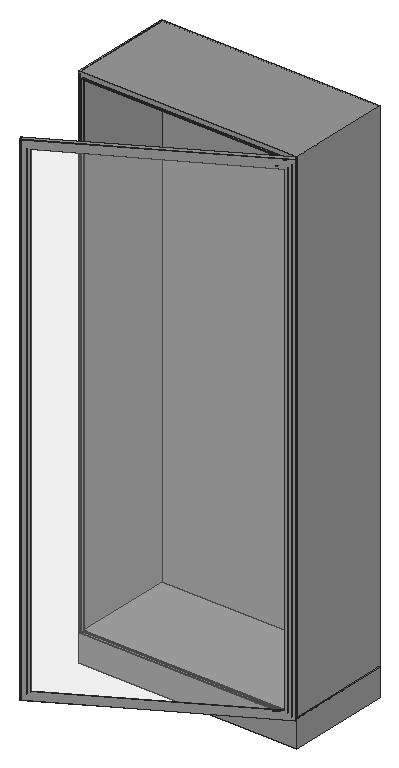
Revit family "Hager-Univers-IP55-D400-H1950-Cl.I-Steel_encl-NoHosted-SE-en", category Equipement électrique, Revit 2020
Family settings
  Configuration du panneau = Deux colonnes, circuits au sein
  Cote de connecteur circulaire = Utiliser le diamètre
  Type d'élément = Tableau de raccordement
  Basée sur le plan de construction = Oui
  Toujours verticalement = Oui
  Couper avec des vides une fois chargée = Non
  Partagée = Non
  Point de calcul de pièce = Non
Parameters (values of type "Floor installation IP55 W800 H1950 D400  - FR23V1")
  Width Control [instance] = if([EF000008 - Width] > Min Width, [EF000008 - Width], Min Width)  # 800 mm
  Commentaires du type = [HG000003 - Range]  # "Univers"
  Thickness Door [instance] = if([EF009171 - Material plate thickness door/cover] > 3 mm, 3 mm, [EF009171 - Material plate thickness door/cover])  # 1.5 mm
  Seal Frame Offset [instance] = 17 mm  # constant formula
  Plinth Visibility [instance] = [HG000027 - Plinth height] > 0 mm  # yes
  Min Width [instance] = 100 mm  # constant formula
  Min Depth [instance] = (2 * [EF009170 - Material plate thickness cabinet]) + 1 mm  # 4 mm
  Min Height [instance] = 100 mm  # constant formula
  Internal Frame Depth [instance] = (Door System Depth * 0.5)  # 9 mm
  Panel Name [instance] = ""  # (empty or 0)
  Model = ""
  HG000027 - Plinth height = 100 mm
  HG000026 - Floor standing = yes
  HG000024 - Bottom section height = 600 mm
  HG000023 - Double section enclosure = no
  HG000016 - Door 3d visibility [instance] = yes
  HG000015 - Clearance visibility [instance] = no
  HG000014 - Door on the right [instance] = yes
  HG000013 - Door on the left [instance] = not([HG000014 - Door on the right])  # no
  HG000012 - Door swing angle [instance] = 30.00°
  HG000010 - Asymmetric doors = no
  HG000009 - Double swing door = no
  HG000006 - Flush mounted = no
  HG000004 - Manufacturer reference = "FR23V1"
  HG000003 - Range = "Univers"
  HG000002 - With door or cover = yes
  Frame Offset Bottom [instance] = 10 mm  # constant formula
  Frame Offset [instance] = 15 mm  # constant formula
  EF015940 - Cover with overpressure release = no
  EF011959 - Degree of protection (NEMA) = ""
  EF009554 - Number of openings for flange plates = 6
  EF009212 - Cover model = "EV000116 - Closed"
  EF009171 - Material plate thickness door/cover = 1.5 mm
  EF009170 - Material plate thickness cabinet = 1.5 mm
  EF008873 - Nominal current (In) = 800 A
  EF007800 - Suitable for lightning protection = no
  EF006306 - With lock = no
  EF006244 - Transparent cover/door = yes
  EF005474 - Degree of protection (IP) = "EV006420 - IP55"
  EF004464 - Type of door = "EV002646 - Single"
  EF004427 - Number of modules = 432
  EF004293 - Impact strength = "EV008784 - IK10"
  EF003532 - Suitable for outdoor use = no
  EF002950 - Width in number of modular spacings = 24
  EF001613 - Circuit integrity = "EV000494 - None"
  EF001596 - Material housing = "EV000179 - Steel"
  EF001131 - Internal depth = 400 mm
  EF001088 - Extension possible = yes
  EF000437 - Number of conduit inlets = 6
  EF000339 - Type of cover = "EV004216 - Door"
  EF000266 - Number of rows = 12
  EF000218 - Built-in depth = 0 mm
  EF000118 - With mounting plate = no
  EF000116 - RAL-number = "7035"
  EF000049 - Depth = 400 mm
  EF000040 - Height = 1950 mm
  EF000008 - Width = 800 mm
  EF000007 - Colour = "EV000270 - Grey"
  EF000003 - Mounting method = "EV012274 - Floor installation"
  Door System Leaf Tolerance [instance] = 1.5 mm  # constant formula
  Door System Depth [instance] = 18 mm  # constant formula
  Door Height [instance] = Height Control - [HG000027 - Plinth height]  # 1850 mm
  Description = ""
  Default Elevation = 1219.2 mm
  Connector Offset [instance] = Height Control / 2  # 975 mm
  Fabricant = "Hager"  # constant formula
  Height Control [instance] = if([EF000040 - Height] > Min Height, [EF000040 - Height], Min Height)  # 1950 mm
  Depth Control [instance] = if([EF000049 - Depth] > Min Depth, [EF000049 - Depth], Min Depth)  # 400 mm
  Bottom Top Plate Trim [instance] = 1.5 mm  # constant formula
  Plinth height Ctrl [instance] = if([HG000027 - Plinth height] > 0 mm, [HG000027 - Plinth height], 12 mm)  # 100 mm
Types (11, lengths in mm): name | Width Control | HG000010 - Asymmetric doors | HG000009 - Double swing door | HG000004 - Manufacturer reference | EF009554 - Number of openings for flange plates | EF006244 - Transparent cover/door | EF004464 - Type of door | EF004427 - Number of modules | EF000437 - Number of conduit inlets | EF000008 - Width
  Floor installation IP55 W1050 H1950 D400  - FR24G1 | 1050 | yes | yes | "FR24G1" | 8 | no | "EV003602 - Double" | 576 | 8 | 1050
  Floor installation IP55 W1050 H1950 D400  - FR24V1 | 1050 | yes | yes | "FR24V1" | 8 | yes | "EV003602 - Double" | 576 | 8 | 1050
  Floor installation IP55 W1300 H1950 D400  - FR25G1 | 1300 | yes | yes | "FR25G1" | 10 | no | "EV003602 - Double" | 720 | 10 | 1300
  Floor installation IP55 W1300 H1950 D400  - FR25V1 | 1300 | yes | yes | "FR25V1" | 10 | yes | "EV003602 - Double" | 720 | 10 | 1300
  Floor installation IP55 W1550 H1950 D400  - FR26G1 | 1550 | yes | yes | "FR26G1" | 12 | no | "EV003602 - Double" | 864 | 12 | 1550
  Floor installation IP55 W1550 H1950 D400  - FR26V1 | 1550 | yes | yes | "FR26V1" | 12 | yes | "EV003602 - Double" | 864 | 12 | 1550
  Floor installation IP55 W300 H1950 D400  - FR21G1 | 300 | no | no | "FR21G1" | 2 | no | "EV002646 - Single" | 144 | 2 | 300
  Floor installation IP55 W550 H1950 D400  - FR22G1 | 550 | no | no | "FR22G1" | 4 | no | "EV002646 - Single" | 288 | 4 | 550
  Floor installation IP55 W550 H1950 D400  - FR22V1 | 550 | no | no | "FR22V1" | 4 | yes | "EV002646 - Single" | 288 | 4 | 550
  Floor installation IP55 W800 H1950 D400  - FR23G1 | 800 | no | no | "FR23G1" | 6 | no | "EV002646 - Single" | 432 | 6 | 800
  Floor installation IP55 W800 H1950 D400  - FR23V1 | 800 | no | no | "FR23V1" | 6 | yes | "EV002646 - Single" | 432 | 6 | 800
Reference planes
  plane 1 "Center (Front/Back)": y = 0
  plane 2: z = 0
  plane 3 "Center (Left/Right)": x = 0
  plane 4: y = 0
  plane 5: y = 0
  plane 6: z = 0
  plane 7: x = -400
  plane 8: x = 400
  plane 9: x = 398.5
  plane 10: x = -398.5
  plane 11: z = 100
  plane 12: z = 101.5
  plane 13: y = -400
  plane 14: y = -1.5
  plane 15: x = 0
  plane 16: y = -382
  plane 17: y = -398.5
  plane 18: y = -380.5
  plane 19: x = -383.5
  plane 20: x = 383.5
  plane 21: z = 111.5
  plane 22: x = -383
  plane 23: x = 383
  plane 24: z = 100
  plane 25: z = 1950
  plane 26: z = 1950
  plane 27: z = 1933.5
  plane 28: z = 1948.5
Forms (mm)
  Extrusion 1, solid, material "Hager_Steel_RAL7035_Light_Grey", detail levels medium+fine
    sketch origin (-208.679, -4572, 100) x (-1, 0, 0) y (0, -1, 0)
      loop
        line (191.321, -4190) -> (-608.679, -4190) -> (-608.679, -4572) -> (191.321, -4572) -> (191.321, -4190)
    from 0 to 1850
  Extrusion 2, void
    sketch origin (-350.771, -400, 1219.2) x (1, 0, 0) y (0, 0, 1)
      loop
        line (-47.729, 729.3) -> (-47.729, -1117.7) -> (749.271, -1117.7) -> (749.271, 729.3) -> (-47.729, 729.3)
    from -19.5 to -398.5
  Extrusion 3, void
    sketch origin (-290.084, -382, 1219.2) x (1, 0, 0) y (0, 0, 1)
      loop
        line (-93.416, -1107.7) -> (673.584, -1107.7) -> (673.584, 714.3) -> (-93.416, 714.3) -> (-93.416, -1107.7)
    from 0 to -1.5
  Extrusion 4, solid, material "Hager_Steel_RAL7035_Light_Grey", visible <- "Plinth Visibility", detail levels medium+fine
    sketch origin (0, 0, 0) x (1, 0, 0) y (0, 1, 0)
      loop
        line (-400, 0) -> (-400, -382) -> (400, -382) -> (400, 0) -> (-400, 0)
    from 0 to 100 <- "Plinth height Ctrl"
  Extrusion 5, solid, material "Hager_Steel_RAL7035_Light_Grey", detail levels coarse
    sketch origin (0, 0, 0) x (1, 0, 0) y (0, 1, 0)
      loop
        line (-400, 0) -> (-400, -400) -> (400, -400) -> (400, 0) -> (-400, 0)
    from 0 to 1950 <- "Height Control"
  Sweep 6, void
    path in 3D
      loop
        line (-400, -382, 100) -> (400, -382, 100) -> (400, 0, 100) -> (-400, 0, 100) -> (-400, -382, 100)
    profile origin (-400, -191, 100) x (1, 0, 0) y (0, 0, 1)
      loop
        line (0, 0) -> (0, -1.5) -> (1.5, -1.5)
        arc (1.5, -1.5) -> (1.061, -0.439) -> (0, 0) r 1.5
  Extrusion 7, solid, material "Hager_Steel_RAL7035_Light_Grey", detail levels fine
    sketch origin (-400, -382, 100) x (1, 0, 0) y (0, 0, 1)
      loop
        line (16.5, 11.5) -> (783.5, 11.5) -> (783.5, 1833.5) -> (16.5, 1833.5) -> (16.5, 11.5)
      loop
        line (15, 10) -> (785, 10) -> (785, 1835) -> (15, 1835) -> (15, 10)
    from 0 to 9 <- "Internal Frame Depth"
Cuts and joins
  Extrusion 2, Extrusion 3 cuts Extrusion 1
  Sweep 6 cuts Extrusion 4
Lines and regions (mm)
  Masking region 1
    outline origin (0, 0, 0) x (1, 0, 0) y (0, 1, 0)
      loop
        line (-400, 0) -> (-400, -400) -> (400, -400) -> (400, 0) -> (-400, 0)
  Masking region 2, detail levels coarse
    outline origin (-290.084, -382, 1219.2) x (-1, 0, 0) y (0, 0, 1)
      loop
        line (-690.084, -1219.2) -> (109.916, -1219.2) -> (109.916, 730.8) -> (-690.084, 730.8) -> (-690.084, -1219.2)
  Masking region 3, detail levels coarse
    outline origin (0, 0, 0) x (0, 1, 0) y (0, 0, 1)
      loop
        line (0, 0) -> (0, 1950) -> (-400, 1950) -> (-400, 0) -> (0, 0)
  Masking region 4, visible <- "Plinth Visibility", detail levels medium+fine
    outline origin (0, 0, 0) x (0, 1, 0) y (0, 0, 1)
      loop
        line (-1.5, 100) -> (-380.5, 100)
        arc (-380.5, 100) -> (-380.939, 98.939) -> (-382, 98.5) r 1.5
        line (-382, 98.5) -> (-382, 0) -> (0, 0) -> (0, 98.5)
        arc (0, 98.5) -> (-1.061, 98.939) -> (-1.5, 100) r 1.5
  Masking region 5, detail levels medium+fine
    outline origin (0, 0, 594.038) x (0, 1, 0) y (0, 0, 1)
      loop
        line (0, -494.038) -> (0, 1355.962) -> (-382, 1355.962) -> (-382, -494.038) -> (0, -494.038)
  Masking region 6, detail levels medium+fine
    outline origin (-359.7, -382, 1211.883) x (-1, 0, 0) y (0, 0, 1)
      loop
        line (-759.7, -1111.883) -> (40.3, -1111.883) -> (40.3, 738.117) -> (-759.7, 738.117) -> (-759.7, -1111.883)
  Masking region 7, visible <- "Plinth Visibility", detail levels medium+fine
    outline origin (-320.334, -382, 1041.368) x (-1, 0, 0) y (0, 0, 1)
      loop
        line (-720.334, -1041.368) -> (79.666, -1041.368) -> (79.666, -942.868)
        arc (79.666, -942.868) -> (78.606, -942.429) -> (78.166, -941.368) r 1.5
        line (78.166, -941.368) -> (-718.834, -941.368)
        arc (-718.834, -941.368) -> (-719.273, -942.429) -> (-720.334, -942.868) r 1.5
        line (-720.334, -942.868) -> (-720.334, -1041.368)
  sketch lines
    curve 1: line (-400, 0, 100) -> (-400, -382, 100)
    curve 2: line (-400, -382, 100) -> (400, -382, 100)
    curve 3: line (400, 0, 100) -> (-400, 0, 100)
    curve 4: line (400, -382, 100) -> (400, 0, 100)
Dimensions and locks
  locked: plane 1 "Center (Front/Back)" to plane 5
  "EF009170 - Material plate thickness cabinet": plane 7 to plane 10
  "EF009170 - Material plate thickness cabinet": plane 8 to plane 9
  equal spacing: plane 7, plane 3 "Center (Left/Right)", plane 8
  "Width Control": plane 7 to plane 8
  "Depth Control": plane 4 to plane 13
  "EF009170 - Material plate thickness cabinet": plane 4 to plane 14
  "Height Control": plane 25 to level
  "HG000027 - Plinth height": plane 11 to level
  "EF009170 - Material plate thickness cabinet": plane 12 to plane 11
  "EF009170 - Material plate thickness cabinet": plane 17 to plane 13
  "EF009170 - Material plate thickness cabinet": plane 18 to plane 16
  "Frame Offset Bottom": plane 21 to plane 12
  "Frame Offset": plane 10 to plane 19
  "Frame Offset": plane 9 to plane 20
  "Door System Depth": plane 16 to plane 13
  "Seal Frame Offset": plane 7 to plane 22
  "Seal Frame Offset": plane 8 to plane 23
  "EF009170 - Material plate thickness cabinet": plane 26 to plane 28
  "Frame Offset": plane 28 to plane 27
  "Connector Offset": plane 2 to connector elem
  "Bottom Top Plate Trim": profile plane to Sweep 6 sketch curve
  "Bottom Top Plate Trim": Sweep 6 sketch curve to Sweep 6 sketch curve
  "Plinth height Ctrl": Masking region 4 sketch curve to level
  "Plinth height Ctrl": Masking region 7 sketch curve to level
  "Thickness Door": Extrusion 7 sketch curve to Extrusion 7 sketch curve  (x4)
  "Bottom Top Plate Trim": radius of Sweep 6 sketch curve
  "Bottom Top Plate Trim": radius of Masking region 4 sketch curve  (x2)
  "Bottom Top Plate Trim": radius of Masking region 7 sketch curve  (x2)
  aligned and locked: Extrusion 2 sketch curve to plane 12
  aligned and locked: Extrusion 2 sketch curve to plane 9
  aligned and locked: Extrusion 2 sketch curve to plane 10
  aligned and locked: Extrusion 2 to plane 14
  aligned and locked: Extrusion 1 sketch curve to plane 4
  aligned and locked: plane 8 to Extrusion 1 sketch curve
  aligned and locked: plane 7 to Extrusion 1 sketch curve
  aligned and locked: Extrusion 2 to plane 18
  aligned and locked: Extrusion 3 sketch curve to plane 19
  aligned and locked: plane 20 to Extrusion 3 sketch curve
  aligned and locked: Extrusion 3 to Extrusion 2
  aligned and locked: Extrusion 3 sketch curve to plane 21
  aligned and locked: plane 3 "Center (Left/Right)" to nested 1
  aligned and locked: Extrusion 1 sketch curve to plane 16
  aligned and locked: Extrusion 4 sketch curve to cut or joined group of Extrusion 1, Extrusion 2, Extrusion 3
  aligned and locked: Masking region 1 sketch curve to plane 7
  aligned and locked: Masking region 1 sketch curve to plane 5
  aligned and locked: Masking region 1 sketch curve to plane 8
  aligned and locked: Masking region 2 sketch curve to level
  aligned and locked: level to Masking region 3 sketch curve
  aligned and locked: plane 1 "Center (Front/Back)" to Masking region 3 sketch curve
  aligned and locked: plane 13 to Masking region 3 sketch curve
  aligned and locked: plane 5 to Masking region 4 sketch curve
  aligned and locked: Masking region 2 sketch curve to plane 8
  aligned and locked: Masking region 2 sketch curve to plane 7
  aligned and locked: plane 7 to nested 2
  aligned and locked: nested 2 to plane 5
  aligned and locked: plane 5 to Masking region 5 sketch curve
  aligned and locked: plane 26 to Masking region 5 sketch curve
  aligned and locked: Extrusion 5 sketch curve to plane 8
  aligned and locked: Extrusion 5 sketch curve to plane 7
  aligned and locked: Extrusion 5 sketch curve to plane 5
  aligned and locked: Extrusion 3 sketch curve to plane 27
  aligned and locked: Extrusion 2 sketch curve to plane 28
  aligned and locked: Masking region 2 to plane 25
  aligned and locked: Extrusion 4 to plane 16
  aligned and locked: profile plane to Sweep 6 sketch curve
  aligned and locked: Masking region 5 sketch curve to plane 24
  aligned and locked: level to Masking region 4 sketch curve
  aligned and locked: Masking region 1 to plane 13
  aligned and locked: nested 1 to plane 16
  aligned and locked: Masking region 3 to plane 25
  aligned and locked: plane 16 to Masking region 4 sketch curve
  aligned and locked: Masking region 5 sketch curve to plane 16
  aligned and locked: plane 24 to plane 11
  aligned and locked: plane 26 to plane 25
  aligned and locked: plane 26 to cut or joined group of Extrusion 1, Extrusion 2, Extrusion 3
  aligned and locked: nested 1 to plane 24
  aligned and locked: Extrusion 1 to Extrusion 3
  aligned and locked: Masking region 6 sketch curve to plane 8
  aligned and locked: Masking region 6 sketch curve to plane 24
  aligned and locked: Masking region 6 sketch curve to plane 7
  aligned and locked: Masking region 6 sketch curve to plane 26
  aligned and locked: Masking region 7 sketch curve to plane 7
  aligned and locked: level to Masking region 7 sketch curve
  aligned and locked: Masking region 7 sketch curve to plane 8
  aligned and locked: Extrusion 7 sketch curve to cut or joined group of Extrusion 1, Extrusion 2, Extrusion 3  (x4)
Automatic sketch dimensions
  plane 19 to Extrusion 3 sketch curve = 0 mm
  Extrusion 3 sketch curve to plane 20 = 0 mm
  Extrusion 3 sketch curve to plane 21 = 0 mm
  Extrusion 4 sketch curve to plane 7 = 0 mm
  Extrusion 4 sketch curve to plane 8 = 0 mm
  Extrusion 4 sketch curve to plane 16 = 0 mm
  Masking region 1 sketch curve to plane 13 = 0 mm
  Masking region 2 sketch curve to plane 25 = 0 mm
  Masking region 3 sketch curve to plane 25 = 0 mm
  Extrusion 5 sketch curve to plane 13 = 0 mm
  profile plane to Sweep 6 sketch curve = 0 mm
Nested families
  nested 1: "EC000058_Univers_Door" at (0, -382, 100), Double <- "HG000009 - Double swing door", Transparent <- "EF006244 - Transparent cover/door", Angle <- "HG000012 - Door swing angle", Door_Right <- "HG000014 - Door on the right", Assymetrical <- "HG000010 - Asymmetric doors", Door <- "HG000002 - With door or cover", Width_Ctrl <- "Width Control", 3d_Door <- "HG000016 - Door 3d visibility", Clearance <- "HG000015 - Clearance visibility", Door_Left <- "HG000013 - Door on the left", Width <- "Width Control", Door_Depth <- "Door System Depth", Leaf_Tolerance <- "Door System Leaf Tolerance", Height <- "Door Height", Lock_Visibility <- "EF006306 - With lock", Thickness <- "Thickness Door", type "EC000058_Univers_Door", detail levels medium+fine
    with min_wh 4 mm, Width_Ctrl 800 mm, Width 800 mm, Transparent yes, Thickness 1.5 mm, Seal_Material Hager_Rubber, Lock_Visibility no, Lock_Material Hager_Plastic_RAL9005_Jet_Black, Leaf_Width 800 mm, Leaf_Tolerance_External_Sides 0 mm, Leaf_Tolerance 1.5 mm, Leaf_Offset 0 mm, Leaf_Height 1847 mm, Leaf_2_Width 800 mm, Leaf_2_Offset 400 mm, Leaf_1_Width 800 mm, Leaf_1_Offset 400 mm, Height_Ctrl 1850 mm, Height 1850 mm, Glass_Material Hager_Glass, Double_Clearance_Ctrl no, Double no, Door_Right_Ctrl yes, Door_Right yes, Door_Material Hager_Steel_RAL7035_Light_Grey, Door_Left_Ctrl no, Door_Left no, Door_Depth 18 mm, Door yes, Clearance_Material Hager_Clearance, Clearance_Depth 800 mm, Clearance_Ctrl no, Clearance no, Assymetrical no, Angle 30.00°, 3d_Door yes
  nested 2: "Hager_Enclosure_Symbol" at (-400, 0, 0), Height <- "Depth Control", Width <- "Width Control", type "Hager_Enclosure_Symbol"
    with Width_Ctrl 800 mm, Width 800 mm, Height_Ctrl 400 mm, Height 400 mm, A_Width_Int 26.25 mm, A_Width 315 mm, A_Height_Ctrl 350 mm, A_Height 350 mm
Connectors
  electrical at (0, 0, 975)
    settings: on plane 1 "Center (Front/Back)", index 1, voltage 0 V, apparent load 0 VA, apparent load phase1 0 VA, apparent load phase2 0 VA, apparent load phase3 0 VA, power factor 1, load classification "Other", number of poles 1, system type 30, power factor state 1, is connector primary yes, connector utility no, sub classification motor no, connector description ""
Definition of nested family "EC000058_Univers_Door"
  Parameters (values of type "EC000058_Univers_Door")
    min_wh [instance] = (2 * Thickness) + 1 mm  # 11 mm
    Width_Ctrl [instance] = 400 mm
    Width [instance] = 500 mm
    Transparent [instance] = yes
    Thickness [instance] = 5 mm
    Seal_Material [instance] = none
    Lock_Visibility [instance] = yes
    Lock_Material [instance] = none
    Leaf_Width [instance] = if((Width_Ctrl - 2 * Leaf_Tolerance_External_Sides) > 0 mm, (Width_Ctrl - 2 * Leaf_Tolerance_External_Sides), min_wh)  # 400 mm
    Leaf_Tolerance_External_Sides [instance] = 0 mm  # constant formula
    Leaf_Tolerance [instance] = 1.5 mm
    Leaf_Offset [instance] = 0 mm  # constant formula
    Leaf_Height [instance] = if((Height_Ctrl - 2 * Leaf_Tolerance) > 0 mm, (Height_Ctrl - 2 * Leaf_Tolerance), min_wh)  # 497 mm
    Leaf_2_Width [instance] = if(and(and(Double, Assymetrical), Door_Left), (Leaf_Width / 3) - (Leaf_Tolerance / 2), if(and(and(Double, Assymetrical), Door_Right), (Leaf_Width / 3) * 2 - (Leaf_Tolerance / 2), if(and(Double, not(Assymetrical)), (Leaf_Width / 2) - Leaf_Tolerance, Leaf_Width)))  # 400 mm
    Leaf_2_Offset [instance] = if(and(Double, Assymetrical), Leaf_2_Width / 2, if(and(Double, not(Assymetrical)), Leaf_Width / 4, Leaf_Width / 2))  # 200 mm
    Leaf_1_Width [instance] = if(and(and(Double, Assymetrical), Door_Right), (Leaf_Width / 3) - (Leaf_Tolerance / 2), if(and(and(Double, Assymetrical), Door_Left), (Width / 3) * 2 - (Leaf_Tolerance / 2), if(and(Double, not(Assymetrical)), (Leaf_Width / 2) - Leaf_Tolerance, Leaf_Width)))  # 400 mm
    Leaf_1_Offset [instance] = if(and(Double, Assymetrical), Leaf_1_Width / 2, if(and(Double, not(Assymetrical)), Leaf_Width / 4, Leaf_Width / 2))  # 200 mm
    Height_Ctrl [instance] = if(Height > min_wh, Height, min_wh)  # 500 mm
    Height [instance] = 500 mm
    Glass_Material [instance] = none
    Double_Clearance_Ctrl [instance] = and(Double, Clearance)  # no
    Double [instance] = no
    Door_Right_Ctrl [instance] = and(or(Door_Right, Double), Door)  # yes
    Door_Right [instance] = yes
    Door_Material [instance] = none
    Door_Left_Ctrl [instance] = and(or(Door_Left, Double), Door)  # no
    Door_Left [instance] = no
    Door_Depth [instance] = 30 mm
    Door [instance] = yes
    Default Elevation = 1219.2 mm
    Clearance_Material [instance] = none
    Clearance_Depth [instance] = if(Leaf_1_Width > Leaf_2_Width, Leaf_1_Width, Leaf_2_Width)  # 400 mm
    Clearance_Ctrl [instance] = and(not(Double), Clearance)  # yes
    Clearance [instance] = yes
    Assymetrical [instance] = yes
    Angle [instance] = 30.00°
    3d_Door [instance] = yes
  Reference planes
    plane 1 "Center (Front/Back)": y = 0
    plane 2 "Bottom": z = 0
    plane 3 "Center (Left/Right)": x = 0
    plane 4: z = 500
    plane 5: x = -200
    plane 6: x = 200
    plane 7: z = 500
    plane 8: x = -200
    plane 9: z = 0
    plane 10: x = 200
    plane 11: y = 0
    plane 12: z = 1.5
    plane 13: x = -600
    plane 14: y = -400
    plane 15: x = 600
    plane 16: x = 0
    plane 17: x = 0
    plane 18: x = -200
    plane 19: x = 200
    plane 20: z = 498.5
  Forms (mm)
    Extrusion 1, solid, material <- "Clearance_Material", visible <- "Double_Clearance_Ctrl"
      sketch origin (1200, 0, 0) x (1, 0, 0) y (0, 0, -1)
        loop
          line (-1800, -498.5) -> (-600, -498.5) -> (-600, 0) -> (-1800, 0) -> (-1800, -498.5)
      from 0 to -400
  Dimensions and locks
    equal spacing: plane 5, plane 3 "Center (Left/Right)", plane 6
    "Width_Ctrl": plane 5 to plane 6
    "Leaf_Offset": plane 5 to plane 8
    "Leaf_Offset": plane 6 to plane 10
    "Leaf_Offset": plane 9 to level
    "Leaf_Offset": plane 4 to plane 7
    "Height_Ctrl": plane 4 to level
    "Leaf_Tolerance": plane 12 to plane 9
    locked: plane 11 to plane 1 "Center (Front/Back)"
    "Leaf_1_Offset": plane 18 to plane 16
    "Leaf_2_Offset": plane 17 to plane 19
    "Leaf_1_Width": plane 13 to plane 8
    "Leaf_2_Width": plane 10 to plane 15
    "Clearance_Depth": plane 14 to plane 1 "Center (Front/Back)"
    "Leaf_Tolerance_External_Sides": plane 8 to plane 18
    "Leaf_Tolerance_External_Sides": plane 19 to plane 10
    "Leaf_Tolerance": plane 7 to plane 20
    aligned and locked: level to plane 2 "Bottom"
    aligned and locked: nested 1 to plane 16
    aligned and locked: nested 2 to plane 17
    aligned and locked: Extrusion 1 to plane 13
    aligned and locked: plane 15 to Extrusion 1
    aligned and locked: Extrusion 1 to plane 14
    aligned and locked: plane 12 to nested 1
    aligned and locked: nested 2 to plane 12
    aligned and locked: Extrusion 1 to plane 11
    aligned and locked: plane 20 to Extrusion 1
    aligned and locked: nested 2 to plane 11
    aligned and locked: nested 1 to plane 11
  Automatic sketch dimensions
    Extrusion 1 sketch curve to level = 0 mm
    plane 5 to Extrusion 1 sketch curve = 400 mm
    plane 6 to Extrusion 1 sketch curve = 400 mm
    Extrusion 1 sketch curve to plane 4 = 1.5 mm
  Nested families
    nested 1: "EC000058_Univers_Door_Leaf" at (0, 0, 1.5), Width <- "Leaf_1_Width", visible <- "Door_Left_Ctrl", Leaf_Height <- "Leaf_Height", Angle <- "Angle", 3d_Door <- "3d_Door", Transparent <- "Transparent", Clearance Material <- "Clearance_Material", Clearance <- "Clearance_Ctrl", Door_Material <- "Door_Material", Glass_Material <- "Glass_Material", Door_Depth <- "Door_Depth", Lock_Material <- "Lock_Material", Seal_Material <- "Seal_Material", Lock_Visibility <- "Lock_Visibility", Thickness <- "Thickness", type "EC000058_Univers_Door_Leaf"
      with Width 400 mm, Transparent_Glass_Offset 30 mm, Transparent_Ctrl yes, Transparent yes, Thickness 5 mm, Standard no, Seal_Material none, Seal_D2 8 mm, Seal_D1 1 mm, Offset_Internal_Frame 10 mm, Lock_Width 20 mm, Lock_Visibility_3d yes, Lock_Visibility yes, Lock_Thickness_3 3 mm, Lock_Thickness_2 1 mm, Lock_Thickness_1 3 mm, Lock_Radius_Offset_2 16 mm, Lock_Radius_Offset_1 15 mm, Lock_Radius_2 5 mm, Lock_Radius 6 mm, Lock_Offset 5 mm, Lock_Material none, Lock_Height 80 mm, Lock_Cover_Top_Offset_2d 17 mm, Lock_Cover_Height -65 mm, Leaf_Height 497 mm, Internal_Seal_Thickness 8 mm, Internal_Seal_Depth_2 4.5 mm, Internal_Frame_Depth 25 mm, Glass_Thickness -1 mm, Glass_Offset -2 mm, Glass_Material none, Door_Material none, Door_Depth 30 mm, Clearance Material none, Clearance yes, Angle_Ctrl 30.00°, Angle 30.00°, 3d_Door yes
    nested 2: "EC000058_Univers_Door_Leaf" at (0, 0, 1.5) x (-1, 0, 0) z (0, 0, 1), Width <- "Leaf_2_Width", visible <- "Door_Right_Ctrl", Leaf_Height <- "Leaf_Height", Angle <- "Angle", 3d_Door <- "3d_Door", Transparent <- "Transparent", Clearance Material <- "Clearance_Material", Clearance <- "Clearance_Ctrl", Door_Material <- "Door_Material", Glass_Material <- "Glass_Material", Door_Depth <- "Door_Depth", Lock_Material <- "Lock_Material", Seal_Material <- "Seal_Material", Lock_Visibility <- "Lock_Visibility", Thickness <- "Thickness", type "EC000058_Univers_Door_Leaf"
      with Width 400 mm, Transparent_Glass_Offset 30 mm, Transparent_Ctrl yes, Transparent yes, Thickness 5 mm, Standard no, Seal_Material none, Seal_D2 8 mm, Seal_D1 1 mm, Offset_Internal_Frame 10 mm, Lock_Width 20 mm, Lock_Visibility_3d yes, Lock_Visibility yes, Lock_Thickness_3 3 mm, Lock_Thickness_2 1 mm, Lock_Thickness_1 3 mm, Lock_Radius_Offset_2 16 mm, Lock_Radius_Offset_1 15 mm, Lock_Radius_2 5 mm, Lock_Radius 6 mm, Lock_Offset 5 mm, Lock_Material none, Lock_Height 80 mm, Lock_Cover_Top_Offset_2d 17 mm, Lock_Cover_Height -65 mm, Leaf_Height 497 mm, Internal_Seal_Thickness 8 mm, Internal_Seal_Depth_2 4.5 mm, Internal_Frame_Depth 25 mm, Glass_Thickness -1 mm, Glass_Offset -2 mm, Glass_Material none, Door_Material none, Door_Depth 30 mm, Clearance Material none, Clearance yes, Angle_Ctrl 30.00°, Angle 30.00°, 3d_Door yes
  Definition of nested family "EC000058_Univers_Door_Leaf"
    Parameters (values of type "EC000058_Univers_Door_Leaf")
      Width [instance] = 2000 mm
      Transparent_Glass_Offset [instance] = 30 mm
      Transparent_Ctrl [instance] = and(Transparent, [3d_Door])  # yes
      Transparent [instance] = yes
      Thickness [instance] = 5 mm
      Standard [instance] = and(not(Transparent), [3d_Door])  # no
      Seal_Material [instance] = none
      Seal_D2 [instance] = 8 mm  # constant formula
      Seal_D1 [instance] = 1 mm  # constant formula
      Offset_Internal_Frame [instance] = 10 mm  # constant formula
      Lock_Width [instance] = 20 mm  # constant formula
      Lock_Visibility_3d [instance] = and(Lock_Visibility, [3d_Door])  # yes
      Lock_Visibility [instance] = yes
      Lock_Thickness_3 [instance] = 3 mm  # constant formula
      Lock_Thickness_2 [instance] = 1 mm  # constant formula
      Lock_Thickness_1 [instance] = 3 mm  # constant formula
      Lock_Radius_Offset_2 [instance] = Lock_Radius_Offset_1 + 1 mm  # 16 mm
      Lock_Radius_Offset_1 [instance] = 15 mm  # constant formula
      Lock_Radius_2 [instance] = Lock_Radius - 1 mm  # 5 mm
      Lock_Radius [instance] = 6 mm  # constant formula
      Lock_Offset [instance] = 5 mm  # constant formula
      Lock_Material [instance] = none
      Lock_Height [instance] = 80 mm  # constant formula
      Lock_Cover_Top_Offset_2d [instance] = Lock_Radius_Offset_2 + 1 mm  # 17 mm
      Lock_Cover_Height [instance] = -(Lock_Height - Lock_Radius_Offset_1)  # -65 mm
      Leaf_Height [instance] = 2720.336 mm
      Internal_Seal_Thickness [instance] = 8 mm  # constant formula
      Internal_Seal_Depth_2 [instance] = 4.5 mm  # constant formula
      Internal_Frame_Depth [instance] = if(Door_Depth - Thickness > 5 mm, Door_Depth - Thickness, 5 mm)  # 25 mm
      Glass_Thickness [instance] = if(Thickness > 15 mm, Glass_Offset + 10 mm, -1 mm)  # -1 mm
      Glass_Offset [instance] = if(Thickness > 15 mm, -(Thickness + 10 mm) / 2, -2 mm)  # -2 mm
      Glass_Material [instance] = none
      Door_Material [instance] = none
      Door_Depth [instance] = 30 mm
      Default Elevation = 0 mm
      Clearance Material [instance] = none
      Clearance [instance] = yes
      Angle_Ctrl [instance] = if(Angle > 180.00°, 180.00°, Angle)  # 90.00°
      Angle [instance] = 90.00°
      3d_Door [instance] = yes
    Reference planes
      plane 1 "Center (Front/Back)": y = 0
      plane 2: z = 0
      plane 3 "Center (Left/Right)": x = 0
      plane 4: y = 2000
      plane 5: x = -1000
      plane 6: x = 1000
      plane 7: x = -3000
      plane 8: z = 2720.336
      plane 9: z = 30
      plane 10: z = 2690.336
      plane 11: x = 970
      plane 12: x = -970
      plane 13: y = -3
      plane 14: z = 107.833
      plane 15: y = -5
      plane 16: y = -223.314
      plane 17: x = -1000
      plane 18: z = 1360.168
      plane 19: y = 30
    Forms (mm)
      Extrusion 1, solid, material <- "Clearance Material", visible <- "Clearance"
        sketch origin (0, 0, 0) x (1, 0, 0) y (0, 0, 1)
          loop
            line (-3000, 2720.336) -> (-3000, 0) -> (1000, 0) -> (1000, 2720.336) -> (-3000, 2720.336)
        from 0 to -2000
      Extrusion 2, solid, material <- "Door_Material", visible <- "Standard", detail levels medium+fine
        sketch origin (-1000, 0, 0) x (0, 1, 0) y (-1, 0, 0)
          loop
            line (0, 30) -> (0, 25) -> (2000, 25) -> (2000, 30) -> (0, 30)
        from 0 to 2720.336 <- "Leaf_Height"
      Extrusion 3, solid, material <- "Door_Material", visible <- "Transparent_Ctrl", detail levels medium+fine
        sketch origin (-1000, 0, 0) x (0, 1, 0) y (-1, 0, 0)
          loop
            line (0, 25) -> (2000, 25) -> (2000, 30) -> (0, 30) -> (0, 25)
        from 0 to 2720.336 <- "Leaf_Height"
      Extrusion 4, void
        sketch origin (-1025, 2000, 0) x (0, 1, 0) y (0, 0, -1)
          loop
            line (-30, -2690.336) -> (-30, -30) -> (-1970, -30) -> (-1970, -2690.336) -> (-30, -2690.336)
        from 0 to 5 <- "Thickness"
      Sweep 5, solid, material <- "Seal_Material", visible <- "Transparent_Ctrl", detail levels fine
        path in 3D
          loop
            line (-1025, 30, 30) -> (-1025, 30, 2690.336) -> (-1025, 1970, 2690.336) -> (-1025, 1970, 30) -> (-1025, 30, 30)
        profile origin (-1025, 1000, 30) x (1, 0, 0) y (0, 0, 1)
          loop
            line (0, 0) -> (0, -8) -> (1, -8) -> (1, 0) -> (0, 0)
      Extrusion 6, solid, material <- "Glass_Material", visible <- "Transparent_Ctrl", detail levels medium+fine
        sketch origin (-1030, 0, 0) x (0, 1, 0) y (0, 0, -1)
          loop
            line (1970, -2690.336) -> (1970, -30) -> (30, -30) -> (30, -2690.336) -> (1970, -2690.336)
        from -2 <- "Glass_Offset" to -1 <- "Glass_Thickness"
      Extrusion 7, solid, material <- "Door_Material", visible <- "3d_Door", detail levels medium+fine
        sketch origin (-1025, 2000, 0) x (0, -1, 0) y (0, 0, -1)
          loop
            line (0, -2720.336) -> (2000, -2720.336) -> (2000, 0) -> (0, 0) -> (0, -2720.336)
          loop
            line (1995, -5) -> (5, -5) -> (5, -2715.336) -> (1995, -2715.336) -> (1995, -5)
        from 0 to 25 <- "Internal_Frame_Depth"
      Sweep 8, solid, material <- "Seal_Material", visible <- "Transparent_Ctrl", detail levels fine
        path in 3D
          loop
            line (-1025, 0, 0) -> (-1025, 2000, 0) -> (-1025, 2000, 2720.336) -> (-1025, 0, 2720.336) -> (-1025, 0, 0)
        profile origin (-1025, 0, 1360.168) x (1, 0, 0) y (0, 1, 0)
          loop
            line (0, 10) -> (2.975, 10)
            arc (2.975, 10) -> (4.053, 10.447) -> (4.5, 11.525) r 1.525
            line (4.5, 11.525) -> (4.5, 16.527)
            arc (4.5, 16.527) -> (4.069, 17.569) -> (3.027, 18) r 1.473
            line (3.027, 18) -> (0, 18) -> (0, 10)
      Extrusion 9, solid, material <- "Lock_Material", visible <- "Lock_Visibility_3d", detail levels fine
        sketch origin (-1030, 0, 0) x (0, 1, 0) y (0, 0, -1)
          loop
            arc (1993.5, -1400.168) -> (1994.561, -1399.729) -> (1995, -1398.668) r 1.5
            line (1995, -1398.668) -> (1995, -1320.168) -> (1975, -1320.168) -> (1975, -1398.668)
            arc (1975, -1398.668) -> (1975.439, -1399.729) -> (1976.5, -1400.168) r 1.5
            line (1976.5, -1400.168) -> (1993.5, -1400.168)
        from 3 <- "Lock_Thickness_1" to 0
      Blend 10, solid, material <- "Lock_Material", visible <- "Lock_Visibility_3d", detail levels fine
        base sketch origin (-1033, 0, 0) x (0, 1, 0) y (0, 0, -1)
          loop
            line (1975, -1320.168) -> (1975, -1398.668)
            arc (1975, -1398.668) -> (1975.439, -1399.729) -> (1976.5, -1400.168) r 1.5
            line (1976.5, -1400.168) -> (1993.5, -1400.168)
            arc (1993.5, -1400.168) -> (1994.561, -1399.729) -> (1995, -1398.668) r 1.5
            line (1995, -1398.668) -> (1995, -1320.168) -> (1975, -1320.168)
        top sketch origin (-1033, 0, 0) x (0, 1, 0) y (0, 0, -1)
          loop
            line (1976, -1320.168) -> (1976, -1398.668)
            arc (1976, -1398.668) -> (1976.146, -1399.022) -> (1976.5, -1399.168) r 0.5
            line (1976.5, -1399.168) -> (1993.5, -1399.168)
            arc (1993.5, -1399.168) -> (1993.854, -1399.022) -> (1994, -1398.668) r 0.5
            line (1994, -1398.668) -> (1994, -1320.168) -> (1976, -1320.168)
        from 0 to 1 <- "Lock_Thickness_2"
      Blend 11, solid, material <- "Lock_Material", visible <- "Lock_Visibility_3d", detail levels fine
        base sketch origin (-1034, 0, 0) x (0, 1, 0) y (0, 0, -1)
          loop
            line (1978, -1320.168) -> (1978, -1384.168)
            arc (1978, -1384.168) -> (1985, -1391.168) -> (1992, -1384.168) r 7
            line (1992, -1384.168) -> (1992, -1320.168) -> (1978, -1320.168)
        top sketch origin (-1034, 0, 0) x (0, 1, 0) y (0, 0, -1)
          loop
            line (1991, -1320.168) -> (1979, -1320.168) -> (1979, -1383.168)
            arc (1979, -1383.168) -> (1985, -1389.168) -> (1991, -1383.168) r 6
            line (1991, -1383.168) -> (1991, -1320.168)
        from 0 to 3 <- "Lock_Thickness_3"
      Extrusion 12, solid, material <- "Lock_Material", visible <- "Lock_Visibility_3d", detail levels fine
        sketch origin (-1030, 1975, 1320.168) x (1, 0, 0) y (0, -1, 0)
          loop
            line (-7, -19) -> (-7, -1) -> (0, -1) -> (0, 0) -> (-8, 0) -> (-8, -20) -> (0, -20) -> (0, -19) -> (-7, -19)
        from 0 to -65 <- "Lock_Cover_Height"
      Extrusion 13, void
        sketch origin (-1038, 1995, 1320.168) x (-1, 0, 0) y (0, 0, -1)
          loop
            line (-5, -65) -> (0, -65) -> (-5, -60) -> (-5, -65)
        from 0 to 20 <- "Lock_Width"
      Extrusion 14, void
        sketch origin (-1038, 1975, 1320.168) x (0, -1, 0) y (0, 0, -1)
          loop
            circle (-10, -15.995) r 6
          loop
            circle (-10, -15.995) r 5
        from 0 to 2
      Extrusion 15, solid, material <- "Lock_Material", visible <- "Lock_Visibility_3d", detail levels medium
        sketch origin (-1030, 0, 0) x (0, 1, 0) y (0, 0, -1)
          loop
            arc (1993.5, -1400.168) -> (1994.561, -1399.729) -> (1995, -1398.668) r 1.5
            line (1995, -1398.668) -> (1995, -1320.168) -> (1975, -1320.168) -> (1975, -1398.668)
            arc (1975, -1398.668) -> (1975.439, -1399.729) -> (1976.5, -1400.168) r 1.5
            line (1976.5, -1400.168) -> (1993.5, -1400.168)
        from 8 to 0
    Cuts and joins
      Extrusion 4 cuts Extrusion 3
      Extrusion 13, Extrusion 14 cuts Extrusion 9
      Extrusion 14 cuts Blend 11
      Extrusion 13, Extrusion 14 cuts Extrusion 12
      joined: Extrusion 9, Blend 10, Blend 11, Extrusion 12
      Extrusion 14 cuts Extrusion 15
    Lines and regions (mm)
      Masking region 1, visible <- "Lock_Visibility", detail levels fine
        outline origin (0, 0, 0) x (0, 1, 0) y (0, 0, 1)
          loop
            line (30, 1320.168) -> (33, 1320.168) -> (33, 1400.168) -> (30, 1400.168) -> (30, 1320.168)
      Masking region 2, visible <- "Lock_Visibility", detail levels fine
        outline origin (0, 3.143, 0) x (0, 1, 0) y (0, 0, 1)
          loop
            line (29.857, 1354.168) -> (30.857, 1354.168) -> (30.857, 1366.168) -> (29.857, 1366.168) -> (29.857, 1354.168)
      Masking region 3, detail levels medium+fine
        outline origin (0, 0, 0) x (0, 1, 0) y (0, 0, 1)
          loop
            line (0, 0) -> (30, 0) -> (30, 2720.336) -> (0, 2720.336) -> (0, 0)
      Masking region 4, detail levels medium+fine
        outline origin (0, 0, 0) x (1, 0, 0) y (0, 0, 1)
          loop
            line (-1000, 2720.336) -> (-1000, 0) -> (1000, 0) -> (1000, 2720.336) -> (-1000, 2720.336)
      Masking region 5, visible <- "Lock_Visibility", detail levels fine
        outline origin (-47.116, 0, 0) x (1, 0, 0) y (0, 0, 1)
          loop
            arc (1024.616, 1399.168) -> (1023.556, 1398.729) -> (1023.116, 1397.668) r 1.5
            line (1023.116, 1397.668) -> (1023.116, 1320.168) -> (1041.116, 1320.168) -> (1041.116, 1397.668)
            arc (1041.116, 1397.668) -> (1040.677, 1398.729) -> (1039.616, 1399.168) r 1.5
            line (1039.616, 1399.168) -> (1024.616, 1399.168)
      Masking region 6, visible <- "Lock_Visibility", detail levels medium+fine
        outline origin (-25, 0, 0) x (1, 0, 0) y (0, 0, 1)
          loop
            arc (1001.5, 1400.168) -> (1000.439, 1399.729) -> (1000, 1398.668) r 1.5
            line (1000, 1398.668) -> (1000, 1320.168) -> (1020, 1320.168) -> (1020, 1398.668)
            arc (1020, 1398.668) -> (1019.561, 1399.729) -> (1018.5, 1400.168) r 1.5
            line (1018.5, 1400.168) -> (1001.5, 1400.168)
      Masking region 7, visible <- "Lock_Visibility", detail levels fine
        outline origin (-73.735, 0, 0) x (1, 0, 0) y (0, 0, 1)
          loop
            line (1051.735, 1382.168) -> (1065.735, 1382.168) -> (1065.735, 1384.168)
            arc (1065.735, 1384.168) -> (1058.735, 1391.168) -> (1051.735, 1384.168) r 7
            line (1051.735, 1384.168) -> (1051.735, 1382.168)
      Masking region 8, visible <- "Lock_Visibility", detail levels fine
        outline origin (-73.735, 0, 0) x (1, 0, 0) y (0, 0, 1)
          loop
            line (1052.735, 1382.168) -> (1064.735, 1382.168) -> (1064.735, 1383.168)
            arc (1064.735, 1383.168) -> (1058.735, 1389.168) -> (1052.735, 1383.168) r 6
            line (1052.735, 1383.168) -> (1052.735, 1382.168)
      Masking region 9, visible <- "Lock_Visibility", detail levels fine
        outline origin (-25, 0, 0) x (1, 0, 0) y (0, 0, 1)
          loop
            line (1020, 1320.168) -> (1020, 1382.168) -> (1000, 1382.168) -> (1000, 1320.168) -> (1020, 1320.168)
      Masking region 10, detail levels medium+fine
        outline origin (0, 0, 0) x (1, 0, 0) y (0, 0, 1)
          loop
            circle (985, 1335.144) r 6
      Masking region 11, detail levels fine
        outline origin (0, 0, 0) x (1, 0, 0) y (0, 0, 1)
          loop
            circle (985, 1335.144) r 5
      Masking region 12, visible <- "Lock_Visibility", detail levels fine
        outline origin (0, 12.767, 0) x (0, 1, 0) y (0, 0, 1)
          loop
            line (20.233, 1320.168) -> (21.233, 1320.168) -> (21.233, 1399.168) -> (20.233, 1400.168) -> (20.233, 1320.168)
      Masking region 13, visible <- "Lock_Visibility", detail levels fine
        outline origin (0, 13.767, -10) x (0, 1, 0) y (0, 0, 1)
          loop
            line (20.233, 1330.168) -> (23.233, 1330.168) -> (23.233, 1399.168) -> (20.233, 1402.168) -> (20.233, 1330.168)
      Masking region 14, visible <- "Lock_Visibility", detail levels fine
        outline origin (0, 12.767, -10) x (0, 1, 0) y (0, 0, 1)
          loop
            line (20.233, 1330.168) -> (25.233, 1330.168) -> (25.233, 1399.305) -> (20.233, 1394.305) -> (20.233, 1330.168)
      Masking region 15, visible <- "Lock_Visibility", detail levels medium
        outline origin (0, 0, 0) x (0, 1, 0) y (0, 0, 1)
          loop
            line (30, 1320.168) -> (38, 1320.168) -> (38, 1400.168) -> (30, 1400.168) -> (30, 1320.168)
      Masking region 16, visible <- "Lock_Visibility", detail levels fine
        outline origin (-1000, 0, 0) x (0, 1, 0) y (-1, 0, 0)
          loop
            line (1975, 30) -> (1995, 30) -> (1995, 38) -> (1975, 38) -> (1975, 30)
          loop
            line (1979, 37) -> (1976, 37) -> (1976, 34) -> (1978, 34) -> (1979, 37)
          loop
            line (1994, 37) -> (1991, 37) -> (1992, 34) -> (1994, 34) -> (1994, 37)
      Masking region 17, visible <- "Lock_Visibility", detail levels medium
        outline origin (-1000, 0, 0) x (0, 1, 0) y (-1, 0, 0)
          loop
            line (1975, 30) -> (1995, 30) -> (1995, 38) -> (1975, 38) -> (1975, 30)
      symbolic lines
        curve 1: line (1000, 0, 0) -> (-3000, 0, 0)
        curve 2: arc (1000, 0, 0) -> (-1000, 2000, 0) -> (-3000, 0, 0) r 2000
        curve 4: line (-1030, 0, 0) -> (-1030, 2000, 0)
      reference lines
        curve 3: line (-1000, 0, 0) -> (-1000, 2000, 0)
      symbolic lines, detail levels medium+fine
        curve 5: line (-1030, 2000, 0) -> (-1025, 2000, 0)
        curve 7: line (-1025, 0, 0) -> (-1030, 0, 0)
        curve 8: line (-1025, 0, 0) -> (-1000, 0, 0)
        curve 9: line (-1000, 0, 0) -> (-1000, 2000, 0)
        curve 10: line (-1000, 2000, 0) -> (-1025, 2000, 0)
      symbolic lines, detail levels fine
        curve 6: line (-1025, 2000, 0) -> (-1025, 0, 0)
      sketch lines
        curve 11: line (-1025, 0, 2720.336) -> (-1025, 0, 0)
        curve 12: line (-1025, 2000, 0) -> (-1025, 0, 0)
        curve 13: line (-1025, 2000, 2720.336) -> (-1025, 2000, 0)
        curve 14: line (-1025, 0, 2720.336) -> (-1025, 2000, 2720.336)
        curve 15: line (-1025, 1970, 30) -> (-1025, 30, 30)
        curve 16: line (-1025, 30, 30) -> (-1025, 30, 2690.336)
        curve 17: line (-1025, 1970, 2690.336) -> (-1025, 1970, 30)
        curve 18: line (-1025, 30, 2690.336) -> (-1025, 1970, 2690.336)
      symbolic lines, visible <- "Transparent", detail levels medium+fine
        curve 19: line (-970, 0, 2690.336) -> (970, 0, 2690.336)
        curve 20: line (-970, 0, 30) -> (-970, 0, 2690.336)
        curve 21: line (970, 0, 30) -> (-970, 0, 30)
        curve 22: line (970, 0, 2690.336) -> (970, 0, 30)
    Dimensions and locks
      "Width": plane 1 "Center (Front/Back)" to plane 4
      equal spacing: plane 5, plane 3 "Center (Left/Right)", plane 6
      "Width": plane 5 to plane 6
      "Width": plane 7 to plane 5
      "Leaf_Height": plane 8 to level
      "Width": curve 5 to curve 3
      "Width": curve 3 to curve 3
      plane 8 to plane 10 = 30 mm
      plane 9 to level = 30 mm
      plane 12 to plane 5 = 30 mm
      plane 6 to plane 11 = 30 mm
      Extrusion 1 to Extrusion 4 sketch curve = 30 mm
      "Transparent_Glass_Offset": curve 3 to Extrusion 4 sketch curve
      "Transparent_Glass_Offset": Extrusion 4 sketch curve to cut or joined group of Extrusion 3, Extrusion 4  (x2)
      cut or joined group of Extrusion 3, Extrusion 4 to Extrusion 6 sketch curve = 30 mm
      "Transparent_Glass_Offset": cut or joined group of Extrusion 3, Extrusion 4 to Extrusion 4 sketch curve
      "Thickness": curve 6 to curve 4
      "Thickness": Extrusion 7 sketch curve to Extrusion 7 sketch curve  (x4)
      "Door_Depth": curve 4 to curve 3
      "Offset_Internal_Frame": profile plane to Sweep 8 sketch curve
      "Internal_Seal_Thickness": Sweep 8 sketch curve to Sweep 8 sketch curve
      "Internal_Seal_Depth_2": profile plane to Sweep 8 sketch curve
      "Seal_D1": profile plane to Sweep 5 sketch curve
      "Seal_D2": profile plane to Sweep 5 sketch curve
      "Thickness": Extrusion 2 sketch curve to Extrusion 2 sketch curve
      equal spacing: Extrusion 9 sketch curve, plane 18, Extrusion 9 sketch curve  (x2)
      equal spacing: Masking region 1 sketch curve, plane 18, Masking region 1 sketch curve
      "Lock_Height": Masking region 1 sketch curve to Masking region 1 sketch curve
      "Lock_Radius": Masking region 2 sketch curve to plane 18 to Masking region 2 sketch curve
      Masking region 2 sketch curve to Masking region 1 = 1 mm
      "Door_Depth": plane 19 to plane 1 "Center (Front/Back)"
      "Lock_Thickness_1": Masking region 1 sketch curve to plane 19
      "Lock_Width": Extrusion 9 sketch curve to Extrusion 9 sketch curve
      "Lock_Height": Extrusion 9 sketch curve to Extrusion 9 sketch curve
      "Lock_Offset": cut or joined group of Extrusion 3, Extrusion 4 to Extrusion 9 sketch curve
      equal spacing: plane 8, plane 18, level
      "Lock_Radius_Offset_1": Blend 11 sketch curve to Blend 10
      locked: Blend 10 to Blend 11 sketch curve at 2  (x2)
      locked: var sketch to Blend 11 sketch curve at 1  (x2)
      "Lock_Radius_Offset_2": Blend 11 sketch curve to Blend 10
      locked: Extrusion 12 sketch curve to Extrusion 12 sketch curve at 1  (x3)
      Masking region 6 sketch curve to Masking region 6 sketch curve = 80 mm
      "Lock_Height": Masking region 6 sketch curve to Masking region 6 sketch curve
      "Lock_Width": Masking region 6 sketch curve to Masking region 6 sketch curve
      locked: Masking region 6 to Masking region 5 sketch curve at 1  (x3)
      locked: Masking region 5 to Masking region 7 sketch curve at 2  (x2)
      "Lock_Radius_Offset_1": Masking region 5 to Masking region 7 sketch curve
      "Lock_Radius_Offset_2": Masking region 5 to Masking region 8 sketch curve
      locked: Masking region 7 to Masking region 8 sketch curve at 1  (x2)
      "Lock_Cover_Top_Offset_2d": Masking region 5 to Masking region 9 sketch curve
      equal spacing: Masking region 9, Masking region 10 sketch curve, Masking region 9
      equal spacing: Masking region 9, Masking region 11 sketch curve, Masking region 9
      Extrusion 15 sketch curve to Extrusion 15 sketch curve = 80 mm
      "Lock_Width": Extrusion 15 sketch curve to Extrusion 15 sketch curve
      "Lock_Height": Extrusion 15 sketch curve to Extrusion 15 sketch curve
      equal spacing: Extrusion 15 sketch curve, plane 18, Extrusion 15 sketch curve
      "Lock_Thickness_3": Masking region 13 sketch curve to Masking region 13 sketch curve
      "Lock_Height": Masking region 12 sketch curve to Masking region 12 sketch curve
      locked: Masking region 13 sketch curve to Masking region 1 at 8
      locked: Masking region 14 sketch curve to Masking region 13 at 1
      locked: Masking region 14 sketch curve to Masking region 1 at 10.863
      "Lock_Height": Masking region 15 sketch curve to Masking region 15 sketch curve
      "Lock_Offset": Extrusion 15 sketch curve to cut or joined group of Extrusion 3, Extrusion 4
      "Lock_Offset": plane 6 to Masking region 6 sketch curve
      radius of Sweep 8 sketch curve = 1.525 mm
      radius of Sweep 8 sketch curve = 1.473 mm
      radius of Extrusion 9 sketch curve = 1.5 mm  (x2)
      "Lock_Radius": radius of Extrusion 14 sketch curve
      "Lock_Radius_2": radius of Extrusion 14 sketch curve
      "Lock_Radius": radius of Masking region 10 sketch curve
      "Lock_Radius_2": radius of Masking region 11 sketch curve
      radius of Extrusion 15 sketch curve = 1.5 mm  (x2)
      "Angle_Ctrl": angle plane 1 "Center (Front/Back)" to curve 3
      locked: Masking region 12 sketch curve to Masking region 12 sketch curve (angle 45.00°)
      locked: Masking region 13 sketch curve to Masking region 13 sketch curve (angle 45.00°)
      locked: Masking region 14 sketch curve to Masking region 14 sketch curve (angle 45.00°)
      aligned and locked: level to plane 2
      aligned and locked: Extrusion 1 to curve 1
      aligned and locked: plane 6 to Extrusion 1
      aligned and locked: Extrusion 1 to plane 1 "Center (Front/Back)"
      aligned and locked: plane 4 to Extrusion 1
      aligned and locked: plane 8 to Extrusion 1
      aligned and locked: curve 7 to Extrusion 2 sketch curve
      aligned and locked: curve 5 to Extrusion 2 sketch curve
      aligned and locked: curve 7 to Extrusion 3 sketch curve
      aligned and locked: Extrusion 3 sketch curve to curve 4
      aligned and locked: Extrusion 3 sketch curve to curve 6
      aligned and locked: Extrusion 3 sketch curve to curve 5
      aligned and locked: curve 9 to curve 3
      aligned and locked: Extrusion 7 sketch curve to cut or joined group of Extrusion 3, Extrusion 4  (x4)
      aligned and locked: plane 17 to curve 3
      aligned and locked: plane 1 "Center (Front/Back)" to curve 3
      aligned and locked: plane 17 to plane 5
      aligned and locked: Sweep 8 sketch curve to profile plane
      aligned and locked: Sweep 5 sketch curve to profile plane  (x2)
      aligned and locked: Masking region 1 to Masking region 2 sketch curve
      aligned and locked: plane 19 to Masking region 1 sketch curve
      aligned and locked: plane 1 "Center (Front/Back)" to Masking region 3 sketch curve
      aligned and locked: plane 19 to Masking region 3 sketch curve
      aligned and locked: level to Masking region 3 sketch curve
      aligned and locked: Masking region 3 sketch curve to plane 8
      aligned and locked: plane 17 to Masking region 4 sketch curve
      aligned and locked: level to Masking region 4 sketch curve
      aligned and locked: Masking region 4 sketch curve to plane 8
      aligned and locked: plane 12 to curve 20
      aligned and locked: plane 10 to curve 19
      aligned and locked: plane 11 to curve 22
      aligned and locked: curve 21 to plane 9
      aligned and locked: Extrusion 2 sketch curve to cut or joined group of Extrusion 3, Extrusion 4
      aligned and locked: Blend 10 sketch curve to Extrusion 9  (x4)
      aligned and locked: Extrusion 9 to Blend 10 sketch curve
      aligned and locked: Blend 10 to Blend 11 sketch curve
      aligned and locked: Extrusion 12 sketch curve to Blend 11
      aligned and locked: Extrusion 12 sketch curve to Extrusion 9  (x4)
      aligned and locked: Masking region 5 sketch curve to Masking region 6
      aligned and locked: Masking region 9 sketch curve to Masking region 6  (x3)
      aligned and locked: Masking region 12 sketch curve to Masking region 1
      aligned and locked: Masking region 13 sketch curve to Masking region 1
      aligned and locked: Masking region 12 to Masking region 14
      aligned and locked: Masking region 14 sketch curve to Masking region 1
      aligned and locked: Masking region 15 sketch curve to Masking region 14
      aligned and locked: Masking region 13 sketch curve to Masking region 12
      aligned and locked: Masking region 16 sketch curve to cut or joined group of Extrusion 14, Extrusion 15  (x4)
      aligned and locked: Masking region 16 sketch curve to cut or joined group of Extrusion 9, Blend 10, Blend 11, Extrusion 12, Extrusion 13, Extrusion 14  (x6)
      aligned and locked: cut or joined group of Extrusion 9, Blend 10, Blend 11, Extrusion 12, Extrusion 13, Extrusion 14 to Masking region 16 sketch curve
      aligned and locked: Masking region 17 sketch curve to cut or joined group of Extrusion 14, Extrusion 15  (x3)
      aligned and locked: Masking region 17 sketch curve to cut or joined group of Extrusion 9, Blend 10, Blend 11, Extrusion 12, Extrusion 13, Extrusion 14
      aligned and locked: Masking region 9 to Masking region 8 sketch curve
      aligned and locked: Masking region 9 to Masking region 7 sketch curve
    Automatic sketch dimensions
      plane 1 "Center (Front/Back)" to curve 2 = 0 mm
      curve 2 to plane 5 = 0 mm
      Extrusion 1 sketch curve to level = 0 mm
      Extrusion 1 sketch curve to plane 7 = 0 mm
      Extrusion 1 sketch curve to plane 6 = 0 mm
      Extrusion 1 sketch curve to plane 8 = 0 mm
      Extrusion 3 to Extrusion 6 sketch curve = 30 mm  (x4)
      Masking region 4 sketch curve to plane 6 = 0 mm
      Blend 10 sketch curve to Extrusion 9 = 1.5 mm
      Blend 10 sketch curve to Extrusion 9 = 1 mm
      Extrusion 13 sketch curve to Extrusion 12 = 0 mm  (x2)
      Extrusion 12 to Extrusion 13 sketch curve = 3 mm
      Extrusion 13 sketch curve to Extrusion 12 = 5 mm
      Extrusion 14 sketch curve to Extrusion 14 sketch curve = 0 mm  (x2)
      Extrusion 14 sketch curve to Extrusion 12 = 10 mm
      Extrusion 14 sketch curve to Extrusion 12 = 15.995 mm
      Masking region 5 sketch curve to Masking region 5 sketch curve = 1.5 mm  (x2)
      Masking region 10 sketch curve to plane 18 = 25.024 mm
      Masking region 11 sketch curve to plane 18 = 25.024 mm
      plane 19 to Masking region 14 sketch curve = 3 mm
      Masking region 16 sketch curve to Masking region 16 sketch curve = 3 mm
      curve 4 to curve 3 = 0 mm
      Blend 10 to Blend 11 sketch curve = 0 mm
      Masking region 6 sketch curve to Masking region 6 sketch curve = 1.5 mm  (x2)
      Masking region 6 sketch curve to plane 18 = 40 mm
      plane 19 to Masking region 12 sketch curve = 3 mm
      Masking region 12 sketch curve to Masking region 12 sketch curve = 1 mm
      Masking region 15 sketch curve to plane 19 = 0 mm
      Masking region 15 sketch curve to plane 18 = 40 mm
      radius of Blend 10 sketch curve to Extrusion 9 = 1 mm
Definition of nested family "Hager_Enclosure_Symbol"
  Parameters (values of type "Hager_Enclosure_Symbol")
    Width_Ctrl [instance] = if(Width > 1 mm, Width, 1 mm)  # 102.27 mm
    Width [instance] = 102.27 mm
    Height_Ctrl [instance] = if(Height > 1 mm, Height, 1 mm)  # 66.5 mm
    A_Width_Int [instance] = if(A_Width / 12 > 2 mm, A_Width / 12, 2 mm)  # 4.364 mm
    A_Width [instance] = if(A_Height_Ctrl * 0.9 > 2 mm, A_Height_Ctrl * 0.9, 2 mm)  # 52.369 mm
    A_Height_Ctrl [instance] = if(A_Height > 2 mm, A_Height, 2 mm)  # 58.188 mm
    Height [instance] = 66.5 mm
    A_Height [instance] = Height - (Height / 8)  # 58.188 mm
  Reference planes
    plane 1 "Centre (avant/arrière)": y = 0
    plane 2: z = 0
    plane 3 "Centre (gauche/droite)": x = 0
    plane 4: x = 52.369
    plane 5: y = 33.042
    plane 6: y = 41.77
    plane 7: y = 66.5
    plane 8: x = 26.184
    plane 9: y = 37.406
    plane 10: x = 102.27
    plane 11: y = 66.5
    plane 12: y = 8.313
  Lines and regions (mm)
    Filled region 1, type "Solid_Black", in view "Niveau de réf."
      outline origin (0, 0, 0) x (1, 0, 0) y (0, 1, 0)
        loop
          line (52.369, 66.5) -> (33.188, 54.536) -> (45.365, 45.006) -> (52.369, 66.5)
    Filled region 2, type "Solid_Black", in view "Niveau de réf."
      outline origin (0, 0, 0) x (1, 0, 0) y (0, 1, 0)
        loop
          line (0, 0) -> (102.27, 0) -> (102.27, 66.5) -> (0, 0)
    detail lines, in view "Niveau de réf."
      curve 1: line (0, 8.313, 0) -> (26.184, 41.77, 0)
      curve 2: line (26.184, 41.77, 0) -> (26.184, 33.042, 0)
      curve 3: line (26.184, 33.042, 0) -> (52.369, 66.5, 0)
  Dimensions and locks
    "A_Width": plane 3 "Centre (gauche/droite)" to plane 4
    equal spacing: plane 3 "Centre (gauche/droite)", plane 8, plane 4
    equal spacing: plane 6, plane 9, plane 5
    equal spacing: curve 3, Filled region 1 sketch curve, Filled region 1 sketch curve
    "Height_Ctrl": plane 1 "Centre (avant/arrière)" to plane 11
    "A_Height_Ctrl": plane 11 to plane 12
    equal spacing: plane 11, plane 9, plane 12
    "A_Width_Int": plane 6 to plane 9
    "Width_Ctrl": plane 3 "Centre (gauche/droite)" to plane 10
    angle Filled region 1 sketch curve to curve 3 = 20.00°
    angle curve 3 to Filled region 1 sketch curve = 20.00°
    locked: curve 3 to Filled region 1 sketch curve (angle 90.00°)
    aligned and locked: plane 10 to Filled region 2
    aligned and locked: plane 11 to Filled region 2 sketch curve
    aligned and locked: plane 10 to Filled region 2 sketch curve
    aligned and locked: plane 3 "Centre (gauche/droite)" to curve 1
    aligned and locked: plane 12 to curve 1
    aligned and locked: plane 7 to plane 11
  Automatic sketch dimensions
    Filled region 1 sketch curve to plane 4 = 0 mm
    Filled region 1 sketch curve to plane 7 = 0 mm
    plane 1 "Centre (avant/arrière)" to Filled region 2 sketch curve = 0 mm
    Filled region 2 sketch curve to plane 3 "Centre (gauche/droite)" = 0 mm
    curve 2 to plane 6 = 0 mm
    curve 2 to plane 8 = 0 mm
    curve 3 to plane 4 = 0 mm
    curve 2 to plane 5 = 0 mm
    curve 3 to plane 7 = 0 mm
